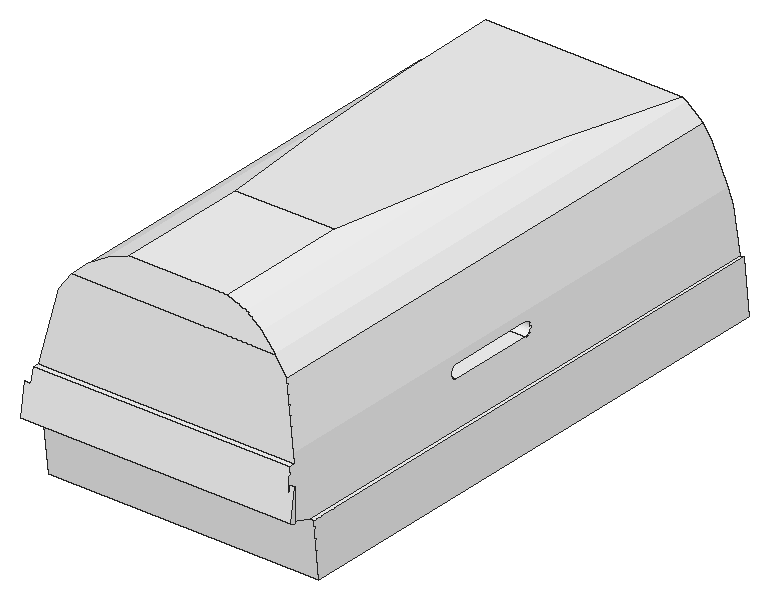
Revit family "NBS_DudleyIndustries_SoapDpnsrs_PlatinumRange_FoamSoapDispenser", category Specialty Equipment, host Face, Revit 2016
Family settings
  Host = Face
  Part Type = Normal
  Round Connector Dimension = Use Diameter
  OmniClass Number = 23.40.20.21.34
  OmniClass Title = Soap Holders, Dispensers
  Cut with Voids When Loaded = No
  Shared = No
  Room Calculation Point = No
Parameters (values of type "PlatinumRangeFoamSoapDispenser")
  WarrantyStartDate [instance] = "1900-12-31T23:59:59"
  WarrantyGuarantorParts = "sales@dudleyindustries.com"
  WarrantyGuarantorLabor = "n/a"
  WarrantyDurationUnit = "year"
  WarrantyDurationParts = "1"
  WarrantyDurationLabor = "n/a"
  WarrantyDescription = "1 year warranty"
  Version = "2"  # constant formula
  Uniclass2015Version = "Products v1.7"
  Uniclass2015Title = "Soap dispensers"
  Uniclass2015Code = "Pr_40_70_22_81"
  TagNumber [instance] = "n/a"
  SustainabilityPerformance = "n/a"
  Style = "Soap dispenser"
  Size = "120 x 252 x 102 mm"
  Shape = "n/a"
  SerialNumber [instance] = "n/a"
  Revision = "n/a"
  ReplacementCost = "n/a"
  ProductInformation = "www.dudleyindustries.com/wp-content/uploads/2016/11/Platinum_1-Lt-Foam_Soap_Dispenser_Refill.pdf"
  Operation = "Manual push operation"
  NominalWidth = 120 mm  # constant formula
  NominalLength = NominalWidth  # 120 mm
  NominalHeight = 252 mm  # constant formula
  NominalDepth = 102 mm  # constant formula
  Name = "SoapDispensers_PlatinumRange_FoamSoapDispenser_DudleyIndustries"
  NBSTypeID = "n/a"
  NBSReference = "45-35-72/358"
  NBSOfficeMasterTag = "n/a"
  NBSNote = "n/a"
  NBSDescription = "Soap dispensers"
  NBSCertification = "www.nationalbimlibrary.com/cert/bgu1zt5g"
  ModelReference = "Platinum range: Foam Soap Dispenser"
  ModelNumber = "50015"
  MaterialsFinishColour = "n/a"
  MaterialsBody = "Stainless Steel"
  Material = "Stainless Steel"
  ManufacturerURL = "www.dudleyindustries.com/"
  ManufacturerName = "Dudley Industries"  # constant formula
  Manufacturer = "sales@dudleyindustries.com"
  MainColor = "Stainless Steel"
  IntegralAccessories = "n/a"
  InstallationDate [instance] = "1900-12-31T23:59:59"
  IfcExportType = "NOTDEFINED"  # constant formula
  IfcExportAs = "IfcFurnitureType"  # constant formula
  Grade = "n/a"
  Form = "Wall mounted"
  Finish = "Brushed/Lacquered (50015CB)"
  Features = "n/a"
  ExpectedLife = "5"
  EnvironmentalProductDeclaration = "n/a"
  DurationUnit = "year"
  DispenserLockMaterial = NBS_Concept
  DispenserCasingMaterial = NBS_Concept
  Description = "Foam Soap Dispenser (Refill)"
  Default Elevation = 1200 mm
  Constituents = "n/a"
  Color = "Stainless Steel"
  CodePerformance = "n/a"
  Category = "Pr_40_70_22_81:Soap dispensers"
  BarCode [instance] = "n/a"
  BIMObjectName = "NBS_DudleyIndustries_SoapDispensers_Platinumrange_FoamSoapDispenser"
  Author = "NBS"  # constant formula
  AssetType = "Fixed"
  AssetIdentifier [instance] = "n/a"
  AccessibilityPerformance = "n/a"
Reference planes
  plane 1 "Center (Front/Back)": y = 0
  plane 2: z = 0
  plane 3 "Center (Left/Right)": x = 0
  plane 4: x = -60
  plane 5: x = 60
  plane 6 "Top": y = 126
  plane 7: y = -126
  plane 8: z = 102
  plane 9: through (-60, 127.25, 0) normal (0, -0.9945, -0.1045)
  plane 10: through (-60, 122.466, 45.521) normal (0, -0.9744, -0.225)
  plane 11: through (-60, 110.656, 88.579) normal (0, -0.0872, -0.9962)
  plane 12: through (-60, -5.294, 98.724) normal (0, -0.022, -0.9998)
  plane 13: through (-60, -114.066, 98.878) normal (0, 0.9848, -0.1736)
  plane 14: through (-60, -120.742, 27.092) normal (0, -0.309, -0.9511)
  plane 15: through (-60, -113.666, 23.415) normal (0, 0.9925, 0.1219)
  plane 16: through (-60, -114.735, 95.082) normal (0, 0.9848, -0.1736)
  plane 17: through (-60, -125.488, 28.634) normal (0, 0.309, 0.9511)
  plane 18: through (-60, -113.121, 18.978) normal (0, 0.9925, 0.1219)
  plane 19: through (-60, -112.796, 102) normal (0, 0.022, 0.9998)
  plane 20: through (-60, -5.294, 98.724) normal (0, 0.0815, 0.9967)
  plane 21: through (-60, 75.882, 92.089) normal (0, 0.1001, 0.995)
  plane 22: through (-60, 112.563, 88.413) normal (0, 0.9744, 0.225)
  plane 23: through (-60, 122.466, 45.521) normal (0, 0.9945, 0.1045)
  plane 24: through (-60, -116.217, 86.679) normal (0, 0.9945, -0.1045)
  plane 25: z = 48.805
  plane 26: through (-60, -58.068, 100.643) normal (0, -0.0349, -0.9994)
  plane 27: through (-60, 111.211, 88.1) normal (0, 0.9511, 0.309)
  plane 28: through (-60, -4753.717, 1.272) normal (-0.9976, 0, 0.0698)
  plane 29: through (-56.713, -4753.717, 48.279) normal (-0.9896, 0, 0.1437)
  plane 30 "Lock": through (0, 126, 17.118) normal (0, -0.9909, -0.1345)
Forms (mm)
  Extrusion 1, solid, material "NBS_Concept" <- "DispenserCasingMaterial", detail levels coarse
    sketch origin (-60, 0.158, 0) x (0, 1, 0) y (0, 0, 1)
      loop
        line (-5.452, 98.724) -> (-113.831, 101.105) -> (-126.558, 28.93) -> (-114, 24.85) -> (-110.949, 0) -> (127.092, 0) -> (122.308, 45.521) -> (112.405, 88.413) -> (-5.452, 98.724)
    from 0 to 120
  Extrusion 2, solid, material "NBS_Concept" <- "DispenserCasingMaterial", detail levels medium+fine
    sketch origin (-60, 0, 0) x (0, 1, 0) y (0, 0, 1)
      loop
        line (-113.513, 102.016) -> (-116.217, 86.679) -> (-120.198, 48.805) -> (-122.895, 48.805) -> (-126.4, 28.93) -> (-113.842, 24.85) -> (-110.791, 0) -> (127.25, 0) -> (122.466, 45.521) -> (116.131, 72.958) -> (111.066, 88.548)
        arc (111.066, 88.548) -> (-1.02, 98.676) -> (-113.513, 102.016) r 1862.208
    from 0 to 120
  Extrusion 3, void, detail levels coarse
    sketch origin (0, -181.717, 0) x (1, 0, 0) y (0, 0, 1)
      loop
        line (-60, 106.272) -> (-60, 1.272) -> (-56.713, 48.279) -> (-53.13, 72.958)
        arc (-53.13, 72.958) -> (-39.27, 92.411) -> (-17.394, 102) r 44.889
        line (-17.394, 102) -> (-0.027, 102) -> (17.394, 102)
        arc (17.394, 102) -> (39.27, 92.411) -> (53.13, 72.958) r 44.889
        line (53.13, 72.958) -> (56.713, 48.279) -> (60, 1.272) -> (60, 106.272) -> (-60, 106.272)
    from -308.967 to -55.717
  Extrusion 4, solid, material "NBS_Concept" <- "DispenserLockMaterial", detail levels medium+fine
    sketch origin (0, 126.003, 17.099) x (0, 0.134471, -0.990918) y (1, 0, 0)
      loop
        circle (-10.738, -0.156) r 12.546
      loop
        circle (-10.738, -0.156) r 10
      loop
        circle (-10.738, -0.156) r 6.783
      loop
        circle (-13.808, -0.156) r 1.23
      loop
        circle (-7.757, -0.156) r 1.23
    from 0 to 3.802
  Extrusion 5, void
    sketch origin (0, 126, 0) x (1, 0, 0) y (0, 0, 1)
      loop
        arc (-50.591, 79.536) -> (-38.381, 93.147) -> (-21.921, 101.111) r 47.31
        line (-21.921, 101.111) -> (21.921, 101.111)
        arc (21.921, 101.111) -> (38.381, 93.147) -> (50.591, 79.536) r 47.31
        arc (50.591, 79.536) -> (56.134, 52.429) -> (58.351, 24.85) r 227.881
        line (58.351, 24.85) -> (60, 24.85) -> (60, 107.06) -> (-60, 107.06) -> (-60, 24.85) -> (-58.351, 24.85)
        arc (-58.351, 24.85) -> (-56.134, 52.429) -> (-50.591, 79.536) r 227.881
    from 0 to 250
  Extrusion 6, void, detail levels medium+fine
    sketch origin (-60, 0, 0) x (0, 1, 0) y (0, 0, 1)
      loop
        arc (-30.674, 49.5) -> (-33.674, 46.5) -> (-30.674, 43.5) r 3
        line (-30.674, 43.5) -> (7.326, 43.5)
        arc (7.326, 43.5) -> (10.326, 46.5) -> (7.326, 49.5) r 3
        line (7.326, 49.5) -> (-30.674, 49.5)
    from 0 to 120
Cuts and joins
  Extrusion 3, Extrusion 6 cuts Extrusion 1
  Extrusion 5, Extrusion 6 cuts Extrusion 2
Dimensions and locks
  "NominalWidth": plane 4 to plane 5
  "NominalHeight": plane 7 to plane 6 "Top"
  "NominalDepth": plane 8 to plane 2
  aligned and locked: plane 2 to host face
  aligned and locked: level to host face
  aligned and locked: Extrusion 1 sketch curve to plane 12
  aligned and locked: Extrusion 1 sketch curve to plane 11
  aligned and locked: Extrusion 1 sketch curve to plane 13
  aligned and locked: Extrusion 1 sketch curve to plane 15
  aligned and locked: Extrusion 1 sketch curve to plane 14
  aligned and locked: Extrusion 1 sketch curve to plane 10
  aligned and locked: Extrusion 1 sketch curve to plane 9
  aligned and locked: Extrusion 1 to plane 4
  aligned and locked: plane 5 to Extrusion 1
  aligned and locked: Extrusion 2 sketch curve to plane 16
  aligned and locked: Extrusion 2 sketch curve to plane 17
  aligned and locked: Extrusion 2 sketch curve to plane 22
  aligned and locked: Extrusion 2 sketch curve to plane 23
  aligned and locked: Extrusion 2 sketch curve to plane 24
  aligned and locked: Extrusion 2 sketch curve to plane 25
  aligned and locked: Extrusion 2 sketch curve to plane 18
  aligned and locked: Extrusion 2 sketch curve to plane 27
  aligned and locked: Extrusion 2 to plane 4
  aligned and locked: plane 5 to Extrusion 2
  aligned and locked: Extrusion 3 sketch curve to plane 28
  aligned and locked: Extrusion 3 sketch curve to plane 29
  aligned and locked: plane 7 to Extrusion 3
  aligned and locked: Extrusion 6 to plane 4
  aligned and locked: plane 5 to Extrusion 6
Automatic sketch dimensions
  host sketch curve to host sketch curve = 438.297 mm
  host sketch curve to host sketch curve = 430.117 mm
  Extrusion 1 sketch curve to level = 0 mm
  Extrusion 3 sketch curve to plane 4 = 0 mm
  Extrusion 3 sketch curve to plane 8 = 0 mm
  Extrusion 3 sketch curve to plane 5 = 0 mm
  plane 4 to Extrusion 3 sketch curve = 6.87 mm
  Extrusion 3 sketch curve to plane 3 "Center (Left/Right)" = 17.394 mm
  Extrusion 3 sketch curve to plane 3 "Center (Left/Right)" = 10.96 mm
  Extrusion 3 sketch curve to plane 3 "Center (Left/Right)" = 0.027 mm
  plane 3 "Center (Left/Right)" to Extrusion 3 sketch curve = 10.96 mm
  plane 3 "Center (Left/Right)" to Extrusion 3 sketch curve = 17.394 mm
  Extrusion 3 sketch curve to plane 5 = 6.87 mm
  Extrusion 3 sketch curve to plane 5 = 3.287 mm
  level to Extrusion 3 sketch curve = 1.272 mm
  Extrusion 3 sketch curve to Extrusion 3 sketch curve = 47.007 mm
  Extrusion 3 sketch curve to Extrusion 3 sketch curve = 0 mm
  Extrusion 3 sketch curve to plane 8 = 4.272 mm
  Extrusion 4 sketch curve to Extrusion 4 sketch curve = 0 mm  (x6)
  Extrusion 4 sketch curve to plane 3 "Center (Left/Right)" = 0.156 mm  (x3)
  Extrusion 4 sketch curve to Extrusion 4 sketch curve = 3.07 mm
  Extrusion 4 sketch curve to Extrusion 4 sketch curve = 2.981 mm
  Extrusion 5 sketch curve to plane 4 = 0 mm
  Extrusion 5 sketch curve to plane 5 = 0 mm
  level to Extrusion 5 sketch curve = 20.411 mm  (x2)
  Extrusion 5 sketch curve to plane 4 = 109.486 mm
  Extrusion 5 sketch curve to Extrusion 5 sketch curve = 1.649 mm
  plane 8 to Extrusion 5 sketch curve = 0.889 mm
  Extrusion 5 sketch curve to plane 3 "Center (Left/Right)" = 21.921 mm
  Extrusion 5 sketch curve to plane 3 "Center (Left/Right)" = 9.933 mm
  plane 3 "Center (Left/Right)" to Extrusion 5 sketch curve = 9.933 mm
  plane 3 "Center (Left/Right)" to Extrusion 5 sketch curve = 21.921 mm
  Extrusion 5 sketch curve to plane 5 = 1.649 mm
  plane 5 to Extrusion 5 sketch curve = 109.486 mm
  level to Extrusion 5 sketch curve = 24.85 mm  (x2)
  Extrusion 5 sketch curve to Extrusion 5 sketch curve = 45.766 mm
  Extrusion 5 sketch curve to Extrusion 5 sketch curve = 0 mm
  Extrusion 5 sketch curve to plane 8 = 5.06 mm
  plane 1 "Center (Front/Back)" to Extrusion 6 sketch curve = 30.674 mm
  Extrusion 6 sketch curve to plane 1 "Center (Front/Back)" = 7.326 mm
  level to Extrusion 6 sketch curve = 43.5 mm
  Extrusion 6 sketch curve to Extrusion 6 sketch curve = 3 mm
  plane 16 to Extrusion 2 sketch curve = 0 mm  (x2)
  Extrusion 2 sketch curve to plane 19 = 0 mm
  Extrusion 2 sketch curve to level = 0 mm
  Extrusion 2 sketch curve to plane 21 = 0 mm
  Extrusion 2 sketch curve to plane 7 = 13.505 mm
  radius of Extrusion 4 sketch curve = 12.546 mm
  radius of Extrusion 4 sketch curve = 10 mm
  radius of Extrusion 4 sketch curve = 6.783 mm
  radius of Extrusion 4 sketch curve = 1.23 mm  (x2)
